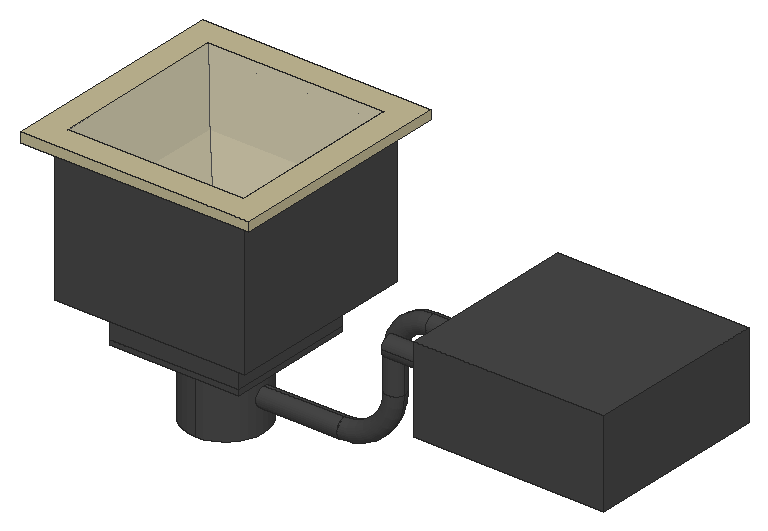
Revit family "J314", category Lighting Fixtures, host Face, Revit 2012
Parameters (values of type "J314_18W_Xicato_1500_lm_3000K")
  ceiling thickness = -1 1/2"
  Width = 16 1/4"
  Wattage Comments = "18W"
  Wattage = 18 W
  built-in parameter 1150110 = 1 (stored number, unit not read)
  Voltage = 120 V
  URL = "http://www.kurtversen.com/"
  built-in parameter 1114217 = 1 (stored number, unit not read)
  Tilt Angle = -90.00°
  built-in parameter 1150109 = 1 (stored number, unit not read)
  built-in parameter 1150134 = (empty or 0)
  built-in parameter 1150113 = 1 (stored number, unit not read)
  Product Page URL = "http://www.kurtversen.com/products/j314"
  Product Documentation Link = "http://www.kurtversen.com/content/products/specs/specs_files/kv_j314_page.pdf"
  Photometric Web File = "J314_18W_Xicato_1500_lm_3000K.ies"
  Model = "J314"  # constant formula
  Manufacturer Phone = "(201)-664-8200"  # constant formula
  Manufacturer Fax = "(201)-664-4801"  # constant formula
  Manufacturer = "Kurtversen Lighting"  # constant formula
  built-in parameter 1150105 = 73.052 (stored number, unit not read)
  Lumens = 918 lm
  built-in parameter 1150115 = 1 (stored number, unit not read)
  built-in parameter 1150137 = (empty or 0)
  built-in parameter 1150139 = (empty or 0)
  Length = 16 1/16"
  built-in parameter 1150112 = 1 (stored number, unit not read)
  built-in parameter 1150114 = 1 (stored number, unit not read)
  Lamp = "LED Lamp"
  built-in parameter 1150132 = (empty or 0)
  built-in parameter 1150102 = (empty or 0)
  built-in parameter 1150107 = 3000 (stored number, unit not read)
  built-in parameter 1150138 = (empty or 0)
  built-in parameter 1150106 = 0.73052 (stored number, unit not read)
  Finish = Matte Black
  Emit from Line Length = 2"
  built-in parameter 1150104 = 4.7381 (stored number, unit not read)
  Dimming Lamp Color Temperature Shift = <None>
  Description = "Medium Downlight, 3 1/2 inch Square Aperture"  # constant formula
  Depth = 6 3/4"
  Default Elevation = 48"
  Cone Finish = J314 Cone : Gold cone
  Color Filter = 16777215
  built-in parameter 1114218 = 1 (stored number, unit not read)
  built-in parameter 1150133 = 10 (stored number, unit not read)
  Apparent Load = 0 VA
  Aperture = 3 1/2"
Types (4): name | Wattage Comments | Wattage | Photometric Web File | built-in parameter 1150105 | Lumens | built-in parameter 1150106 | Cone Finish
  (no name) | "18W" | 18 W | "J314_18W_Xicato_1500_lm_3000K.ies" | 73.052 (stored number, unit not read) | 918 lm | 0.73052 (stored number, unit not read) | J314 Cone : Gold cone
  J314_13W_Xicato_1100_lm_3000K | "13W" | 13 W | "J314_13W_Xicato_1100_lm_3000K.ies" | 52.76 (stored number, unit not read) | 663 lm | 0.5276 (stored number, unit not read) | J314 Cone : Black Cone
  J314_18W_Xicato_1500_lm_3000K | "18W" | 18 W | "J314_18W_Xicato_1500_lm_3000K.ies" | 73.052 (stored number, unit not read) | 918 lm | 0.73052 (stored number, unit not read) | J314 Cone : Gold cone
  J314_24W_Xicato_2100_lm_3000K | "24W" | 24 W | "J314_24W_Xicato_2100_lm_3000K.ies" | 97.403 (stored number, unit not read) | 1224 lm | 0.97403 (stored number, unit not read) | J314 Cone : Gold cone
Reference planes (in)
  plane 1 "Center (Front/Back)": y = 0
  plane 2: z = 0
  plane 3 "Center (Left/Right)": x = -0.3335
  plane 4: y = 2.375
  plane 5: z = -6.75
  plane 6: y = -2.375
  plane 7: y = 8.03125
  plane 8: y = -8.03125
  plane 9: y = 6.03125
  plane 10: y = -6.03125
  plane 11: x = -6.125
  plane 12: x = 5.45799
  plane 13: y = 1.375
  plane 14: y = -1.375
  plane 15: y = -6.53125
  plane 16: y = 6.53125
  plane 17: z = -3.75
  plane 18: x = 2.1665
  plane 19: x = -2.8335
  plane 20: y = -1
  plane 21: y = 1
  plane 22: z = -1.5
  plane 23: x = 6.5
  plane 24: x = 11.5
  plane 25: x = 5
Forms (in)
  Extrusion 1, void
    sketch origin (0, 6.03125, -1.375) x (1, 0, 0) y (0, -1, 0)
      loop
        line (-2.8335, 3.53125) -> (2.1665, 3.53125) -> (2.1665, 8.53125) -> (-2.8335, 8.53125) -> (-2.8335, 3.53125)
    from -1.375 to 2.375
  Extrusion 2, void
    sketch origin (-0.3335, 0, 0) x (0, 1, 0) y (0, 0, 1)
      loop
        line (2.375, 0) -> (-2.375, 0) -> (-2.375, -1.5) -> (2.375, -1.5) -> (2.375, 0)
    from 2.5 to -2.5
  Extrusion 3, solid, material "Matte Black" <- "Finish"
    sketch origin (-2.02817, 1.69467, -3.75) x (0, -1, 0) y (1, 0, 0)
      loop
        line (0, 0) -> (3.38934, 0) -> (3.38934, 3.38934) -> (0, 3.38934) -> (0, 0)
      loop
        line (0.07295, 0.07295) -> (3.31689, 0.07295) -> (3.31689, 3.31689) -> (0.07295, 3.31689) -> (0.07295, 0.07295)
    from 0 to -1
  Extrusion 4, solid, material "Matte Black" <- "Finish"
    sketch origin (-2.02817, 1.69467, -4.75) x (1, 0, 0) y (0, -1, 0)
      loop
        line (0, 0) -> (3.38934, 0) -> (3.38934, 3.38934) -> (0, 3.38934) -> (0, 0)
    from 0 to 0.125
  Extrusion 5, solid, material "Matte Black" <- "Finish"
    sketch origin (-2.02817, 1.69467, -4.875) x (0, 1, 0) y (1, 0, 0)
      loop
        circle (-1.69467, 1.69467) r 1
    from 0 to 1.875
  Extrusion 6, solid, material "Matte Black" <- "Finish"
    sketch origin (0, 0, 0) x (1, 0, 0) y (0, 1, 0)
      loop
        line (6.5, 2.375) -> (6.5, -2.375) -> (11.5, -2.375) -> (11.5, 2.375) -> (6.5, 2.375)
    from -1.5 to -3.75
  Sweep 7, solid, material "Matte Black" <- "Finish"
    path origin (0, 0, 0) x (1, 0, 0) y (0, 0, 1)
      loop
        line (6.625, -2.625) -> (5.125, -2.625)
        arc (5.125, -2.625) -> (4.41789, -2.91789) -> (4.125, -3.625) r 1
        line (4.125, -3.625) -> (4.125, -4.5415)
        arc (4.125, -4.5415) -> (3.73443, -5.48443) -> (2.7915, -5.875) r 1.3335
        line (2.7915, -5.875) -> (0.5415, -5.875)
    profile origin (5.875, 0, -2.625) x (0, 0, -1) y (0, -1, 0)
      loop
        circle (0, 0) r 0.25
  Extrusion 8, solid, material "Matte Black" <- "Finish"
    sketch origin (6.5, 1.625, 0) x (0, 1, 0) y (0, 0, -1)
      loop
        circle (-2.92227, 2.59146) r 0.25
    from 0 to 1.5
Cuts and joins
  joined: Extrusion 4, Extrusion 5
  joined: Extrusion 6, Sweep 7, Extrusion 8
Lines and regions (in)
  reference lines
    curve 1: arc (6.5, -1.54727, -2.59146) -> (6.5, -1.29727, -2.34146) -> (6.5, -1.04727, -2.59146) r 0.25
    curve 2: arc (6.5, -1.04727, -2.59146) -> (6.5, -1.29727, -2.84146) -> (6.5, -1.54727, -2.59146) r 0.25
    curve 3: circle (-0.3335, 0, -4.875) r 1 normal (0, 0, 1)
    curve 4: arc (-0.3335, -1, -4.875) -> (-1.3335, 0, -4.875) -> (-0.3335, 1, -4.875) r 1
    curve 5: arc (-0.3335, 1, -4.875) -> (0.6665, 0, -4.875) -> (-0.3335, -1, -4.875) r 1
Dimensions and locks (in)
  locked: host sketch curve to host sketch curve at 48  (x2)
  equal spacing: host sketch curve, plane 3 "Center (Left/Right)", host sketch curve
  equal spacing: host sketch curve, plane 1 "Center (Front/Back)", host sketch curve
  plane 3 "Center (Left/Right)" to host sketch curve = 24"
  plane 1 "Center (Front/Back)" to host sketch curve = 24"
  "Depth": plane 2 to plane 5
  equal spacing: plane 4, plane 1 "Center (Front/Back)", plane 6
  plane 4 to plane 6 = 4 3/4"
  equal spacing: plane 8, plane 1 "Center (Front/Back)", plane 7
  "Length": plane 8 to plane 7
  equal spacing: plane 10, plane 1 "Center (Front/Back)", plane 9
  locked: plane 8 to plane 10 at 2
  equal spacing: plane 11, plane 3 "Center (Left/Right)", plane 12
  equal spacing: plane 13, plane 1 "Center (Front/Back)", plane 14
  plane 4 to plane 13 = 1"
  equal spacing: plane 15, plane 1 "Center (Front/Back)", plane 16
  locked: plane 15 to plane 10 at 0.5
  plane 2 to plane 17 = 3 3/4"
  Extrusion 1 sketch curve to plane 3 "Center (Left/Right)" to Extrusion 1 sketch curve = 2 1/2", 2 1/2"
  plane 1 "Center (Front/Back)" to Extrusion 1 sketch curve = 2 1/2"
  plane 19 to plane 3 "Center (Left/Right)" to plane 18 = 2 1/2" locked, 2 1/2" locked
  plane 20 to plane 1 "Center (Front/Back)" to plane 21 = 1" locked, 1" locked
  equal spacing: plane 18, plane 3 "Center (Left/Right)", plane 19
  plane 18 to plane 19 = 5"
  host face to plane 5 = 6 3/4"
  nested 1 to plane 23 = 3.8335"
  locked: plane 23 to plane 24 at 5
  locked: plane 25 to cut or joined group of Extrusion 6, Sweep 7, Extrusion 8 at 1.5
  locked: Sweep 7 sketch curve to plane 17 at 1.125
  locked: Sweep 7 sketch curve to plane 25 at 0.875
  locked: Sweep 7 sketch curve to plane 5 at 0.875
  aligned and locked: plane 2 to host face
  aligned and locked: level to host face
  aligned and locked: Extrusion 1 to plane 17
  aligned and locked: Extrusion 1 to plane 18
  aligned and locked: plane 3 "Center (Left/Right)" to imposter light
  aligned and locked: level to Extrusion 2 sketch curve
  aligned and locked: Extrusion 2 sketch curve to plane 4
  aligned and locked: Extrusion 2 to plane 18
  aligned and locked: Extrusion 2 to Extrusion 1
  aligned and locked: plane 1 "Center (Front/Back)" to nested 1
  aligned and locked: level to Extrusion 1
  aligned and locked: Extrusion 3 sketch curve to nested 1  (x7)
  aligned and locked: nested 1 to Extrusion 3 sketch curve
  aligned and locked: Extrusion 4 sketch curve to nested 1  (x4)
  aligned and locked: Extrusion 5 to plane 5
  aligned and locked: Extrusion 6 sketch curve to plane 6
  aligned and locked: plane 4 to Extrusion 6 sketch curve
  aligned and locked: plane 23 to Extrusion 6
  aligned and locked: Extrusion 6 sketch curve to plane 23
  aligned and locked: plane 24 to Extrusion 6 sketch curve
  aligned and locked: Extrusion 6 to plane 17
  aligned and locked: curve 2 to Extrusion 8
  aligned and locked: plane 25 to Extrusion 8
  aligned and locked: imposter light to nested 1
  aligned and locked: imposter light to plane 1 "Center (Front/Back)"
  aligned and locked: curve 4 to cut or joined group of Extrusion 4, Extrusion 5
  aligned and locked: curve 5 to cut or joined group of Extrusion 4, Extrusion 5
Automatic sketch dimensions
  Extrusion 2 sketch curve to plane 6 = 0"
  Extrusion 2 sketch curve to level = 1 1/2"
  plane 6 to Extrusion 1 sketch curve = 1/8"
  Extrusion 4 to Extrusion 5 sketch curve = 1.69467"  (x2)
  plane 3 "Center (Left/Right)" to Sweep 7 sketch curve = 7/8"
  Sweep 7 sketch curve to plane 18 = 5/8"
  Sweep 7 sketch curve to plane 23 = 1/8"
  plane 17 to Sweep 7 sketch curve = 1/8"
  Sweep 7 sketch curve to plane 1 "Center (Front/Back)" = 0"
  Sweep 7 sketch curve to profile plane = 0"
  Extrusion 8 sketch curve to Extrusion 6 = 1.07773"
  Extrusion 6 to Extrusion 8 sketch curve = 1.09146"
  curve 1 to curve 1 = 1/4"
  curve 1 to curve 2 = 0"  (x2)
  curve 4 to curve 5 = 1"
  curve 3 to curve 4 = 0"  (x2)
  curve 3 to curve 5 = 0"  (x2)
  curve 4 to curve 5 = 0"  (x2)
  radius of Extrusion 5 sketch curve = 1"
  radius of Sweep 7 sketch curve = 1/4"
  radius of Extrusion 8 sketch curve = 1/4"
  radius of curve 3 = 1"
Nested families (in)
  nested 1: "J314 Cone" at (-0.3335, 0, 0), type <- "Cone Finish", Aperture <- "Aperture", type "Gold cone"
    with Finish Matte Black, Ceiling Cut Out 5", Aperture 3 1/2"
Connectors (in)
  electrical at (-0.3335, 0, -6.75), driven by "Voltage", driven by "Description"
    settings: on cut or joined group of Extrusion 4, Extrusion 5, index 1, voltage 120 V, apparent load 0 VA, apparent load phase1 0 VA, apparent load phase2 0 VA, apparent load phase3 0 VA, power factor 1, load classification "Other", number of poles 1, system type 30, power factor state 1, is connector primary yes, connector utility no, sub classification motor no, connector description "Medium Downlight, 3 1/2 inch Square Aperture"
Definition of nested family "J314 Cone"
  Parameters (values of type "Pewter Cone")
    ceiling thickness = -6"
    Voltage = 120 V
    URL = "http://www.kurtversen.com/"
    Product Page URL = ""
    Product Documentation Link = ""
    Model = ""
    Manufacturer Phone = "(201)-664-8200"  # constant formula
    Manufacturer Fax = "(201)-664-4801"  # constant formula
    Manufacturer = "kurtversen Lighting"  # constant formula
    Inputs Watts = 0 W
    Glass = White Glass
    Finish [instance] = Matte Black
    Description = ""
    Default Elevation = 48"
    Cone Finish = Pewter
    Ceiling Cut Out [instance] = 3 7/8"
    Apparent Load = 0 VA
    Aperture [instance] = 3 1/2"
  Types (4): name | Model | Cone Finish | Ceiling Cut Out | Aperture
    Black Cone | "B3232" | Matte Black | 5" | 4 1/2"
    Gold cone | "B3232" | Gold | 5" | 4 1/2"
    Wheat Cone | "B3232" | Wheat | 5" | 4 1/2"
    Pewter Cone | "" | Pewter | 3 7/8" | 3 1/2"
  Reference planes (in)
    plane 1 "Center (Front/Back)": y = 0
    plane 2: z = 0
    plane 3 "Center (Left/Right)": x = 0
    plane 4: y = 1.9375
    plane 5: y = -1.9375
    plane 6: z = -3.75
    plane 7: y = 1.75
    plane 8: y = -1.75
    plane 9: z = 0.25
    plane 10: y = -2.4375
    plane 11: y = 2.4375
    plane 12: y = 0.25
    plane 13: y = -0.25
    plane 14: z = -3.5
    plane 15: y = 1.8125
    plane 16: x = -1.5
    plane 17: x = 1.5
    plane 18: x = 1.75
    plane 19: y = -1.8125
    plane 20: x = -1.75
    plane 21: x = -1.9375
    plane 22: x = 1.9375
    plane 23: x = -1.875
    plane 24: x = 1.875
  Forms (in)
    Extrusion 1, solid
      sketch origin (0, 0, 0) x (1, 0, 0) y (0, 1, 0)
        loop
          line (-24, 24) -> (-24, -24) -> (24, -24) -> (24, 24) -> (-24, 24)
      from 0 to -6 <- "ceiling thickness"
    Sweep 2, solid, material "Matte Black" <- "Finish"
      path origin (0, 0, 0) x (1, 0, 0) y (0, 1, 0)
        loop
          line (-1.9375, 1.9375) -> (-1.9375, -1.9375) -> (1.9375, -1.9375) -> (1.9375, 1.9375) -> (-1.9375, 1.9375)
      profile origin (0, 1.9375, 0) x (0, 1, 0) y (0, 0, 1)
        loop
          line (0, 0) -> (-0.125, 0) -> (-0.125, -3.75) -> (0, -3.75) -> (0, 0)
    Sweep 3, solid, material "Pewter" <- "Cone Finish"
      path origin (0, 0, 0) x (1, 0, 0) y (0, 1, 0)
        loop
          line (-1.9375, 1.9375) -> (-1.9375, -1.9375) -> (1.9375, -1.9375) -> (1.9375, 1.9375) -> (-1.9375, 1.9375)
      profile origin (0, 1.9375, 0) x (0, 1, 0) y (0, 0, 1)
        loop
          line (0, 0) -> (0.5, 0) -> (0.5, 0.25) -> (-0.1875, 0.25)
          arc (-0.1875, 0.25) -> (-0.34304, -1.6599) -> (-0.87778, -3.5) r 9.52315
          line (-0.87778, -3.5) -> (-0.80533, -3.5)
          arc (-0.80533, -3.5) -> (-0.30251, -1.78162) -> (-0.125, 0) r 9.67315
          line (-0.125, 0) -> (0, 0)
    Extrusion 4, solid, material "White Glass" <- "Glass"
      sketch origin (0, 0, 0) x (1, 0, 0) y (0, 1, 0)
        loop
          line (1.75, 1.75) -> (-1.75, 1.75) -> (-1.75, -1.75) -> (1.75, -1.75) -> (1.75, 1.75)
      from 0 to 0.25
    Extrusion 5, solid, material "Pewter" <- "Cone Finish"
      sketch origin (0, 0, 0) x (1, 0, 0) y (0, 1, 0)
        loop
          line (-1.13217, 1.13217) -> (-1.13217, -1.13217) -> (1.13217, -1.13217) -> (1.13217, 1.13217) -> (-1.13217, 1.13217)
      from -3.75 to -3.5
  Cuts and joins
    joined: Sweep 3, Extrusion 5
  Dimensions and locks (in)
    locked: Extrusion 1 sketch curve to Extrusion 1 sketch curve at 48  (x2)
    equal spacing: Extrusion 1 sketch curve, plane 3 "Center (Left/Right)", Extrusion 1 sketch curve
    equal spacing: Extrusion 1 sketch curve, plane 1 "Center (Front/Back)", Extrusion 1 sketch curve
    plane 3 "Center (Left/Right)" to Extrusion 1 sketch curve = 24"
    plane 1 "Center (Front/Back)" to Extrusion 1 sketch curve = 24"
    equal spacing: plane 4, plane 1 "Center (Front/Back)", plane 5
    "Ceiling Cut Out": plane 4 to plane 5
    locked: plane 2 to plane 6 at 3.75
    equal spacing: plane 8, plane 1 "Center (Front/Back)", plane 7
    "Aperture": plane 8 to plane 7
    locked: plane 9 to plane 2 at 0.25
    equal spacing: plane 11, plane 1 "Center (Front/Back)", plane 10
    locked: plane 11 to plane 4 at 0.5
    equal spacing: plane 13, plane 1 "Center (Front/Back)", plane 12
    locked: plane 12 to plane 7 at 1.5
    locked: plane 14 to plane 6 at 0.25
    locked: plane 4 to plane 15 at 0.125
    equal spacing: plane 17, plane 3 "Center (Left/Right)", plane 16
    locked: plane 17 to plane 3 "Center (Left/Right)" at 1.5
    equal spacing: plane 15, plane 1 "Center (Front/Back)", plane 19
    equal spacing: plane 18, plane 3 "Center (Left/Right)", plane 20
    "Aperture": plane 18 to plane 20
    locked: plane 20 to plane 23 at 0.125
    equal spacing: plane 24, plane 3 "Center (Left/Right)", plane 23
    equal spacing: plane 22, plane 3 "Center (Left/Right)", plane 21
    "Ceiling Cut Out": plane 22 to plane 21
    aligned and locked: plane 2 to Extrusion 1
    aligned and locked: level to Extrusion 1
    aligned and locked: plane 4 to Sweep 2 sketch curve
    aligned and locked: plane 21 to Sweep 2 sketch curve
    aligned and locked: Sweep 2 sketch curve to plane 5
    aligned and locked: Sweep 2 sketch curve to plane 22
    aligned and locked: profile plane to Sweep 2 sketch curve
    aligned and locked: Sweep 2 sketch curve to profile plane
    aligned and locked: Sweep 2 sketch curve to plane 6
    aligned and locked: plane 15 to Sweep 2 sketch curve
    aligned and locked: Sweep 3 sketch curve to Sweep 2  (x4)
    aligned and locked: level to Sweep 3 sketch curve
    aligned and locked: plane 11 to Sweep 3 sketch curve
    aligned and locked: Extrusion 4 to level
    aligned and locked: plane 9 to Extrusion 4
    aligned and locked: Extrusion 5 sketch curve to Sweep 3  (x4)
    aligned and locked: Extrusion 5 to plane 6
    aligned and locked: plane 14 to Extrusion 5
    aligned and locked: Extrusion 4 sketch curve to cut or joined group of Sweep 3, Extrusion 5  (x4)
  Automatic sketch dimensions
    Sweep 3 sketch curve to Sweep 3 sketch curve = 0"
    Sweep 3 sketch curve to profile plane = 0"
    profile plane to Sweep 3 sketch curve = 1/8"
    Sweep 3 sketch curve to Sweep 3 sketch curve = 0.07245"
    level to Sweep 3 sketch curve = 0.06411"
    Sweep 3 sketch curve to Sweep 3 sketch curve = 0.0891"
    profile plane to Sweep 3 sketch curve = 3/16"
    profile plane to Sweep 3 sketch curve = 0.80533"
    Sweep 3 sketch curve to Sweep 3 sketch curve = 9.52134"
